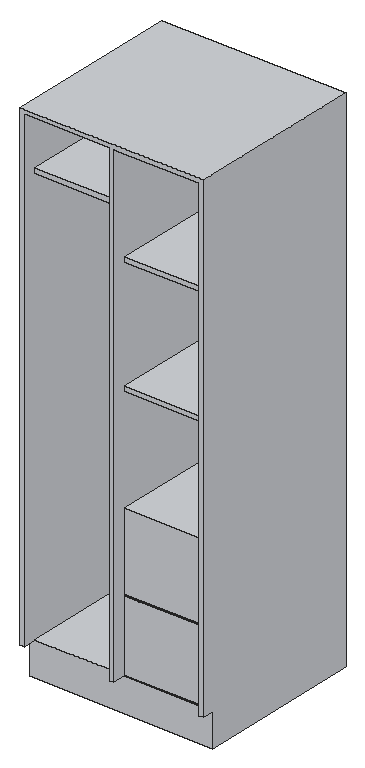
Revit family "Teacher Wardrobe", category Furniture, Revit 2011
Parameters (values of type "Standard Cabinet #60")
  URL = "http://www.wengercorp.com/Home/Contact.html"
  Toekick Material [instance] = none
  RH End Panel [instance] = no
  Model = "60"
  Manufacturer = "Wenger Corporation"
  LH End Panel [instance] = no
  End Panel Material [instance] = none
  Edge Banding Material [instance] = none
  Door Material [instance] = none
  Description = "Standard Cabinet #60"
  Cabinet Width = 1' - 6 3/4"
  Cabinet Label = Labels : Standard
  Cabinet Height = 3' - 2 5/16"
  Cabinet Depth = 2' - 5 1/4"
  Cabinet Back Thickness = 0' - 0 3/4"
  Assembly Code = ""
Types (4): name | Model | Description | Cabinet Width | Cabinet Label | Cabinet Depth | Cabinet Back Thickness
  Standard Cabinet #60 | "60" | "Standard Cabinet #60" | 1' - 6 3/4" | Labels : Standard | 2' - 5 1/4" | 0' - 0 3/4"
  Acoustic Cabinet #60 | "60A" | "Acoustic Cabinet #60" | 1' - 6 3/4" | Labels : Acoustic | 2' - 7 3/4" | 0' - 3 1/4"
  Narrow Acoustic Cabinet #60 | "60NA" | "Narrow Acoustic Cabinet #60" | 1' - 2 3/4" | Labels : Narrow Acoustic | 2' - 7 3/4" | 0' - 3 1/4"
  Narrow Cabinet #60 | "60N" | "Narrow Cabinet #60" | 1' - 2 3/4" | Labels : Narrow | 2' - 5 1/4" | 0' - 0 3/4"
Reference planes (in)
  plane 1 "Front": y = -12.6937
  plane 2: z = 0
  plane 3 "Left": x = -1.13898
  plane 4 "Top": z = 85.5
  plane 5: z = 5.5
  plane 6: z = 17.5
  plane 7: x = 12.98602
  plane 8: x = 13.73602
  plane 9: z = 17.75
  plane 10: y = 16.8063
  plane 11: x = -1.88898
  plane 12: x = 27.86102
  plane 13: z = 67.12718
  plane 14: z = 30.5
  plane 15: z = 75.12724
  plane 16: z = 71.37724
  plane 17: z = 67.87724
  plane 18: y = -10.6937
  plane 19: y = 15.80557
  plane 20: z = 84.75
  plane 21: z = 75.87724
  plane 22: z = 48.62718
  plane 23: z = 47.87718
  plane 24 "Right Work Plane": x = 28.61102
  plane 25: z = 5.75
  plane 26: y = -10.4437
Forms (in)
  Extrusion 1, solid
    sketch origin (-1.13898, 0, 0) x (0, 1, 0) y (0, 0, 1)
      loop
        line (16.8063, 85.5) -> (-12.6937, 85.5) -> (-12.6937, 5.5) -> (-10.6937, 5.5) -> (-10.6937, 0) -> (16.8063, 0) -> (16.8063, 85.5)
    from -0.75 to 29.75
  Extrusion 2, void
    sketch origin (-1.13898, 0, 0) x (0, 1, 0) y (0, 0, 1)
      loop
        line (-32.6937, 84.75) -> (-32.6937, 5.5) -> (-10.6937, 5.5) -> (-10.6937, 5.75) -> (15.80557, 5.75) -> (15.80557, 75.12724) -> (-10.6937, 75.12724) -> (-10.6937, 75.87724) -> (15.80557, 75.87724) -> (15.80557, 84.75) -> (-32.6937, 84.75)
    from 0 to 14.125
  Extrusion 3, void
    sketch origin (28.61102, 0, 0) x (0, 1, 0) y (0, 0, 1)
      loop
        line (-28.1937, 5.5) -> (-10.4437, 5.5) -> (-10.4437, 5.75) -> (-10.6937, 5.75) -> (-10.6937, 17.5) -> (-10.4437, 17.5) -> (-10.4437, 17.75) -> (-10.6937, 17.75) -> (-10.6937, 30.5) -> (15.80557, 30.5) -> (15.80557, 47.87718) -> (-10.6937, 47.87718) -> (-10.6937, 48.62718) -> (15.80557, 48.62718) -> (15.80557, 67.12718) -> (-10.6937, 67.12718) -> (-10.6937, 67.87724) -> (15.80557, 67.87724) -> (15.80557, 84.75) -> (-28.1937, 84.75) -> (-28.1937, 5.5)
    from -14.875 to -0.75
  Extrusion 4, solid
    sketch origin (28.61102, 0, 0) x (0, 1, 0) y (0, 0, 1)
      loop
        line (2.0563, 71.37724) -> (1.53806, 72.09053) -> (0.69954, 71.81808) -> (0.69954, 70.9364) -> (1.53806, 70.66395) -> (2.0563, 71.37724)
    from -29.75 to -15.625
Cuts and joins
  Extrusion 2, Extrusion 3 cuts Extrusion 1
Text (in)
  text "TW" at (96.69444, 38.54419, 0), in view "Top Level"
Dimensions and locks (in)
  locked: plane 7 to plane 8 at 0.75
  plane 4 "Top" to level = 7' - 1 1/2"  (x2)
  plane 1 "Front" to plane 10 = 2' - 5 1/2"  (x2)
  plane 3 "Left" to plane 11 = 0' - 0 3/4"
  plane 5 to level = 0' - 5 1/2"
  level to plane 4 "Top" = 7' - 1 1/2"
  level to plane 13 = 5' - 7.12718"
  plane 13 to plane 4 "Top" = 1' - 6.37282"
  plane 12 to plane 8 = 1' - 2 1/8"
  plane 7 to plane 3 "Left" = 1' - 2 1/8"
  plane 21 to plane 15 = 0' - 0 3/4"
  plane 6 to plane 5 = 1' - 0"
  plane 14 to plane 6 = 1' - 1"
  equal spacing: plane 24 "Right Work Plane", plane 8, plane 3 "Left"
Automatic sketch dimensions
  Extrusion 1 sketch curve to plane 1 "Front" = 0' - 0"
  Extrusion 1 sketch curve to plane 5 = 0' - 0"
  Extrusion 1 sketch curve to plane 18 = 0' - 0"
  Extrusion 1 sketch curve to plane 4 "Top" = 0' - 0"
  Extrusion 1 sketch curve to plane 10 = 0' - 0"
  Extrusion 1 sketch curve to level = 0' - 0"
  Extrusion 2 sketch curve to plane 20 = 0' - 0"
  Extrusion 2 sketch curve to plane 5 = 0' - 0"
  Extrusion 2 sketch curve to plane 18 = 0' - 0"  (x2)
  Extrusion 2 sketch curve to plane 19 = 0' - 0"  (x2)
  Extrusion 2 sketch curve to plane 25 = 0' - 0"
  Extrusion 2 sketch curve to plane 15 = 0' - 0"
  Extrusion 2 sketch curve to plane 21 = 0' - 0"
  plane 1 "Front" to Extrusion 2 sketch curve = 1' - 8"
  Extrusion 3 sketch curve to plane 5 = 0' - 0"
  Extrusion 3 sketch curve to plane 20 = 0' - 0"
  Extrusion 3 sketch curve to plane 18 = 0' - 0"  (x4)
  Extrusion 3 sketch curve to plane 13 = 0' - 0"
  Extrusion 3 sketch curve to plane 9 = 0' - 0"
  Extrusion 3 sketch curve to plane 25 = 0' - 0"
  Extrusion 3 sketch curve to plane 26 = 0' - 0"  (x2)
  Extrusion 3 sketch curve to plane 19 = 0' - 0"  (x3)
  Extrusion 3 sketch curve to plane 17 = 0' - 0"
  Extrusion 3 sketch curve to plane 6 = 0' - 0"
  Extrusion 3 sketch curve to plane 14 = 0' - 0"
  Extrusion 3 sketch curve to plane 23 = 0' - 0"
  Extrusion 3 sketch curve to plane 22 = 0' - 0"
  plane 1 "Front" to Extrusion 3 sketch curve = 1' - 3 1/2"
Nested families (in)
  nested 1: "Labels" at (13.73602, 1.55594, 0), type "Acoustic"
  nested 2: "Front Note" at (10.44916, -12.08537, 0), type "Front Note", detail levels medium+fine
Definition of nested family "Labels"
  Parameters (values of type "Standard")
    Cabinet Label = "01"
  Types (4): name | Cabinet Label
    Standard | "01"
    Narrow | "01N"
    Narrow Acoustic | "01NA"
    Acoustic | "01A"
  Reference planes (in)
    plane 1: y = 0
    plane 2: x = 0
  Text (in)
    label "xxxx" at (-0.00018, 0.00754, 0), shows "Cabinet Label"
Definition of nested family "Front Note"
  Parameters (values of type "Front Note")
    Cabinet Label = "Front"
  Reference planes (in)
    plane 1: y = 0
    plane 2: x = 0
  Text (in)
    label "Front" at (-0.00018, 0.00754, 0), shows "Cabinet Label"
